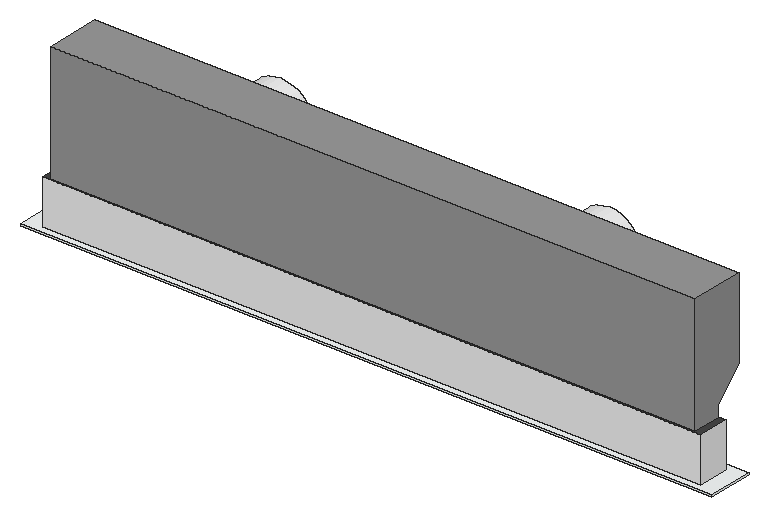
Revit family "HVAC_Ductwork_Airzone_Return-Linear-Diffuser_DFLI-PX_1000mm1", category Air Terminals, Revit 2016
Family settings
  Part Type = Normal
  Round Connector Dimension = Use Diameter
  OmniClass Number = 23.75.70.21
  OmniClass Title = Terminals for Air
  Work Plane-Based = No
  Always vertical = Yes
  Cut with Voids When Loaded = No
  Shared = No
  Room Calculation Point = Yes
Parameters (values of type "INVALID TYPE - Use Load Family and Type Catalog instead")
  c8 = -0.6279  # constant formula
  c7 = 0.02769  # constant formula
  c6 = -5.505  # constant formula
  c5 = 53.51  # constant formula
  c4 = -37.4  # constant formula
  c3 = -87.76  # constant formula
  c2 = -2.073  # constant formula
  c1 = 0.000712  # constant formula
  Velocity [instance] = (Q / (36 * Ak)) * 1.0 m/s  # 1.98413 m/s
  URL = "www.airzone.es"
  Type Image Comments = "Image available in product documentation download"  # constant formula
  Type Comments = ""
  Throw Distance [instance] = round((c7 * (Ak ^ c8) * Q) * 1000) * 1 mm  # 2901 mm
  Sound Level in dBA [instance] = round((c3 + (c4 * log(Ak))) + ((c5 + (c6 * log(Ak))) * log(Q)))  # 13
  Right Cap [instance] = yes
  Revit Model Version = "1.0"  # constant formula
  Q [instance] = (1000 mm / Duct Width) * Flow / 1 m³/h  # 200
  Product Documentation Download URL = "http://doc.airzone.es/BIM/AirQ/Airzone_DFLI.zip"
  Product Comments = "Refer to technical documentation for further details"  # constant formula
  Product Code = "INVALID – Type not loaded via type catalog"
  Pressure Drop [instance] = ((c1 * (Ak ^ c2)) * (Q ^ 2)) * 1.0 Pa  # 3.36962 Pa
  Plenum Width = 82.7 mm
  Plenum Material = Metal - AIRZONE - Galvanized Sheet - Semi-polished
  Plenum Length = 979.6 mm
  Plenum Height = 180 mm
  Plenum Center Offset = if(Duct Height > 75 mm, 0 mm, 20 mm)  # 20 mm
  Outlet Flow [instance] = Flow / 2  # 100 m³/h
  Model = Product Code  # "INVALID – Type not loaded via type catalog"
  Min Flow = 75 m³/h
  Max Flow = 600 m³/h
  Manufacturer = "AIRZONE"  # constant formula
  Main Material = Metal - AIRZONE - Extruded Aluminium - White (RAL 9010)
  Long Description = "Long-range linear diffuser to enable the air supply. 1-4 air outlets. Provided with moving slats, it is designed to be installed in HVAC duct networks. Available in four different models"  # constant formula
  Left Cap [instance] = yes
  Flow [instance] = 200 m³/h
  Fixing = "Fixing bracket. Plenum"  # constant formula
  Finish = "White ( RAL 9010)"
  Effective Area = (Ak / (1000 mm / Duct Width)) * 100.00 cm²  # 280.00 cm²
  Duct Width = 1000 mm
  Duct Height = 75 mm
  Duct Diameter = 100 mm
  Duct Connection Top Offset = 19 mm
  Duct Connection Diameter = 97.6 mm
  Disclaimer = "All information provided in this model is reviewed before being published. However, Airzone cannot guarantee this model is error-free, therefore users are strongly encouraged to check for technical documentation and updates"  # constant formula
  Description = "Linear diffuser"  # constant formula
  Compatible Accesories = "Plenum for lineal diffuser (PLEN). Linear diffuser corner (DFLIxSQ)"  # constant formula
  Ak = 2.8
  Accessories Material = Metal - AIRZONE - Aluminium - Satin
Reference planes
  plane 1 "Center (Front/Back)": y = 0
  plane 2: z = 0
  plane 3 "Center (Left/Right)": x = 0
  plane 4 "Plenum Bottom": z = 68.7
  plane 5 "Plenum Center (Front/Back)": y = 20
Dimensions and locks
  locked: plane 4 "Plenum Bottom" to level at 68.7
  "Plenum Center Offset": plane 1 "Center (Front/Back)" to plane 5 "Plenum Center (Front/Back)"
  aligned and locked: level to plane 2
  aligned and locked: plane 3 "Center (Left/Right)" to nested 1
  aligned and locked: plane 1 "Center (Front/Back)" to nested 1
  aligned and locked: plane 3 "Center (Left/Right)" to nested 2
  aligned and locked: nested 2 to plane 5 "Plenum Center (Front/Back)"
Nested families
  nested 1: "DFLI_Diffuser" at (0, 0, 0), Main Material <- "Main Material", Accessories Material <- "Accessories Material", Duct Height <- "Duct Height", Duct Width <- "Duct Width", Left Cap <- "Left Cap", Right Cap <- "Right Cap", type "Standard"
    with Slats Width 47 mm, Slats Length 1000 mm, Slats Height 68.7 mm, Right Cap Length 26 mm, Right Cap yes, Outlet Single Visibility yes, Outlet Group Visibility no, Main Material Metal - AIRZONE - Extruded Aluminium - White (RAL 9010), Left Cap Length 26 mm, Left Cap yes, Duct Width 1000 mm, Duct Height 75 mm, Actual Number of Outlets 2, Accessories Material Metal - AIRZONE - Aluminium - Satin
  nested 2: "DFLI_Plenum_1000mm" at (0, 20, 68.7), Main Material <- "Plenum Material", Accessories Material <- "Accessories Material", Duct Connection Top Offset <- "Duct Connection Top Offset", Duct Diameter <- "Duct Diameter", Height <- "Plenum Height", Duct Connection Diameter <- "Duct Connection Diameter", Length <- "Plenum Length", Width <- "Plenum Width", type "Standard"
    with Width 82.7 mm, Void.Extrusion 984.6 mm, Main Material Metal - AIRZONE - Galvanized Sheet - Semi-polished, Length 979.6 mm, Height 180 mm, Duct Diameter 100 mm, Duct Connection Top Offset 19 mm, Duct Connection Diameter 97.6 mm, Accessories Material Metal - AIRZONE - Aluminium - Satin
Connectors
  hvac at (-250, 115.55, 180.9), driven by "Pressure Drop", driven by "Duct Diameter", driven by "Outlet Flow"
    settings: on nested 2, index 1, duct flow 100 m³/h, flow factor 0, pres drop 3.36962 Pa, loss coef 0, conn angle 0.00°, conn width 304.8 mm, conn height 304.8 mm, conn diameter 100 mm, duct sys type 2, conn prof type 0, flow config 1, flow direction 2, loss method 4, conn ref index -1, conn util no, is conn primary yes, conn desc "Return Air 1"
  hvac at (250, 115.55, 180.9), driven by "Pressure Drop", driven by "Duct Diameter", driven by "Outlet Flow"
    settings: on nested 2, index 2, duct flow 100 m³/h, flow factor 0, pres drop 3.36962 Pa, loss coef 0, conn angle 0.00°, conn width 304.8 mm, conn height 304.8 mm, conn diameter 100 mm, duct sys type 2, conn prof type 0, flow config 1, flow direction 2, loss method 4, conn ref index -1, conn util no, is conn primary no, conn desc "Return Air 2"
Definition of nested family "DFLI_Diffuser"
  Parameters (values of type "Standard")
    URL = "www.airzone.es"
    Type Comments = ""
    Slats Width [instance] = if(Duct Height < 110 mm, 47 mm, if(Duct Height < 150 mm, 85.3 mm, if(Duct Height < 200 mm, 123.3 mm, 161.9 mm)))  # 161.9 mm
    Slats Length [instance] = Duct Width  # 1000 mm
    Slats Height [instance] = 68.7 mm  # constant formula
    Right Cap Length [instance] = if(Right Cap, 26 mm, 0 mm)  # 26 mm
    Right Cap [instance] = yes
    Revit Model Version = "1.0"  # constant formula
    Revit Model Author URL = "www.a3d.es"
    Revit Model Author = "A3D Consulting"  # constant formula
    Outlet Single Visibility [instance] = not(Slats Width > 47 mm)  # no
    Outlet Group Visibility [instance] = Slats Width > 47 mm  # yes
    Min Flow = 150 m³/h
    Max Flow = 300 m³/h
    Manufacturer = "AIRZONE"  # constant formula
    Main Material [instance] = none
    Left Cap Length [instance] = if(Left Cap, 26 mm, 0 mm)  # 26 mm
    Left Cap [instance] = yes
    Duct Width [instance] = 1000 mm
    Duct Height [instance] = 200 mm
    Disclaimer = "All information provided in this model is reviewed before being published. However, Airzone cannot guarantee this model is error-free, therefore users are strongly encouraged to check for technical documentation and updates"  # constant formula
    Actual Number of Outlets [instance] = if(not(Slats Width > 85.3 mm), 2, if(not(Slats Width > 123.6 mm), 3, 4))  # 4
    Accessories Material [instance] = none
  Reference planes
    plane 1 "Center (Front/Back)": y = 0
    plane 2: z = 0
    plane 3 "Center (Left/Right)": x = 0
    plane 4 "Left": x = -526
    plane 5 "Right": x = 526
    plane 6 "Front": y = -91.95
    plane 7 "Back": y = 91.95
    plane 8 "Inner Left": x = -500
    plane 9 "Inner Right": x = 500
    plane 10 "Inner Back": y = 80.95
    plane 11 "Inner Front": y = -80.95
    plane 12 "First Outlet": y = -56.95
    plane 13 "Last Outlet": y = 56.95
  Forms (mm)
    Extrusion 1, solid, material <- "Main Material"
      sketch origin (0, 0, 0) x (1, 0, 0) y (0, 1, 0)
        loop
          line (-526, 91.95) -> (-526, -91.95) -> (526, -91.95) -> (526, 91.95) -> (-526, 91.95)
      from -2 to 0
    Extrusion 2, solid, material <- "Accessories Material"
      sketch origin (0, 0, 0) x (1, 0, 0) y (0, 1, 0)
        loop
          line (-500, 80.95) -> (-500, -80.95) -> (500, -80.95) -> (500, 80.95) -> (-500, 80.95)
      from 0 to 68.7 <- "Slats Height"
    Extrusion 3, void
      sketch origin (0, 0, 0) x (1, 0, 0) y (0, 1, 0)
        loop
          line (526, 96.95) -> (526, -96.95) -> (550, -96.95) -> (550, 96.95) -> (526, 96.95)
      from -3 to 1
    Extrusion 4, void
      sketch origin (0, 0, 0) x (1, 0, 0) y (0, 1, 0)
        loop
          line (-550, 96.95) -> (-550, -96.95) -> (-526, -96.95) -> (-526, 96.95) -> (-550, 96.95)
      from -3 to 1
  Cuts and joins
    Extrusion 3, Extrusion 4 cuts Extrusion 1
  Dimensions and locks
    equal spacing: plane 10 "Inner Back", plane 1 "Center (Front/Back)", plane 11 "Inner Front"
    "Slats Width": plane 10 "Inner Back" to plane 11 "Inner Front"
    equal spacing: plane 8 "Inner Left", plane 3 "Center (Left/Right)", plane 9 "Inner Right"
    "Slats Length": plane 8 "Inner Left" to plane 9 "Inner Right"
    locked: plane 4 "Left" to plane 8 "Inner Left" at 26
    locked: plane 9 "Inner Right" to plane 5 "Right" at 26
    locked: plane 7 "Back" to plane 10 "Inner Back" at 11
    locked: plane 11 "Inner Front" to plane 6 "Front" at 11
    equal spacing: group 1, group 3, group 4, group 2  (x3)
    locked: plane 7 "Back" to plane 13 "Last Outlet" at 35
    locked: plane 12 "First Outlet" to plane 6 "Front" at 35
    locked: plane 6 "Front" to Extrusion 3 sketch curve at 5
    locked: Extrusion 3 sketch curve to plane 7 "Back" at 5
    locked: plane 9 "Inner Right" to Extrusion 3 sketch curve at 50
    "Right Cap Length": plane 9 "Inner Right" to Extrusion 3 sketch curve
    locked: plane 6 "Front" to Extrusion 4 sketch curve at 5
    locked: Extrusion 4 sketch curve to plane 7 "Back" at 5
    locked: Extrusion 4 sketch curve to plane 8 "Inner Left" at 50
    "Left Cap Length": Extrusion 4 sketch curve to plane 8 "Inner Left"
    aligned and locked: level to plane 2
    aligned and locked: plane 4 "Left" to Extrusion 1 sketch curve
    aligned and locked: Extrusion 1 sketch curve to plane 7 "Back"
    aligned and locked: Extrusion 1 sketch curve to plane 5 "Right"
    aligned and locked: plane 6 "Front" to Extrusion 1 sketch curve
    aligned and locked: Extrusion 2 sketch curve to plane 8 "Inner Left"
    aligned and locked: Extrusion 2 sketch curve to plane 10 "Inner Back"
    aligned and locked: plane 9 "Inner Right" to Extrusion 2 sketch curve
    aligned and locked: plane 11 "Inner Front" to Extrusion 2 sketch curve
    aligned and locked: plane 3 "Center (Left/Right)" to nested 1
    aligned and locked: nested 1 to plane 12 "First Outlet"
    aligned and locked: plane 13 "Last Outlet" to nested 2
    aligned and locked: plane 3 "Center (Left/Right)" to nested 5
    aligned and locked: nested 5 to plane 12 "First Outlet"
  Nested families
    nested 1: "DFLI_Outlet" at (0, -56.95, -2), Length <- "Slats Length", visible <- "Outlet Group Visibility", type "Standard"
      with Length 1000 mm
    nested 2: "DFLI_Outlet" at (0, 56.95, -2), Length <- "Slats Length", visible <- "Outlet Group Visibility", type "Standard"
      with Length 1000 mm
    nested 3: "DFLI_Outlet" at (0, -18.983, -2), Length <- "Slats Length", visible <- "Outlet Group Visibility", type "Standard"
      with Length 1000 mm
    nested 4: "DFLI_Outlet" at (0, 18.983, -2), Length <- "Slats Length", visible <- "Outlet Group Visibility", type "Standard"
      with Length 1000 mm
    nested 5: "DFLI_Outlet" at (0, -56.95, -2), visible <- "Outlet Single Visibility", Length <- "Slats Length", type "Standard"
      with Length 1000 mm
  Definition of nested family "DFLI_Outlet"
    Parameters (values of type "Standard")
      URL = "www.airzone.es"
      Type Comments = ""
      Revit Model Version = "1.0"  # constant formula
      Revit Model Author URL = "www.a3d.es"
      Revit Model Author = "A3D Consulting"  # constant formula
      Min Flow = 0 m³/h
      Max Flow = 0 m³/h
      Manufacturer = "AIRZONE"  # constant formula
      Length [instance] = 179 mm
      Default Elevation = 0 mm
    Reference planes
      plane 1 "Center (Front/Back)": y = 0
      plane 2: z = 0
      plane 3 "Center (Left/Right)": x = 0
      plane 4 "Left": x = -89.5
      plane 5 "Right": x = 89.5
    Forms (mm)
      Extrusion 1, solid, detail levels fine
        sketch origin (0, 0, 0) x (1, 0, 0) y (0, 1, 0)
          loop
            line (-89.5, -8.5) -> (89.5, -8.5) -> (89.5, 8.5) -> (-89.5, 8.5) -> (-89.5, -8.5)
        from -1 to 0
    Lines and regions (mm)
      model lines, detail levels medium
        curve 1: line (89.5, 0, 0) -> (-89.5, 0, 0)
      symbolic lines, detail levels medium
        curve 2: line (-89.5, 0, 0) -> (89.5, 0, 0)
      symbolic lines, detail levels fine
        curve 3: line (-89.5, 8.5, 0) -> (89.5, 8.5, 0)
        curve 4: line (89.5, 8.5, 0) -> (89.5, -8.5, 0)
        curve 5: line (89.5, -8.5, 0) -> (-89.5, -8.5, 0)
        curve 6: line (-89.5, -8.5, 0) -> (-89.5, 8.5, 0)
    Dimensions and locks
      equal spacing: plane 4 "Left", plane 3 "Center (Left/Right)", plane 5 "Right"
      "Length": plane 4 "Left" to plane 5 "Right"
      equal spacing: curve 5, plane 1 "Center (Front/Back)", curve 3
      locked: curve 5 to curve 3 at 17
      equal spacing: Extrusion 1 sketch curve, plane 1 "Center (Front/Back)", Extrusion 1 sketch curve
      locked: Extrusion 1 sketch curve to Extrusion 1 sketch curve at 17
      aligned and locked: level to plane 2
      aligned and locked: plane 1 "Center (Front/Back)" to curve 2
      aligned and locked: curve 1 to plane 1 "Center (Front/Back)"
      aligned and locked: plane 4 "Left" to curve 6
      aligned and locked: plane 5 "Right" to curve 4
      aligned and locked: Extrusion 1 sketch curve to plane 4 "Left"
      aligned and locked: Extrusion 1 sketch curve to plane 5 "Right"
Definition of nested family "DFLI_Plenum_1000mm"
  Parameters (values of type "Standard")
    Width [instance] = 82.7 mm
    Void.Extrusion [instance] = if(Duct Diameter = 100 mm, Length + 5 mm, 2 mm)  # 984.6 mm
    URL = "www.airzone.es"
    Type Comments = ""
    Revit Model Version = "1.0"  # constant formula
    Revit Model Author URL = "www.a3d.es"
    Revit Model Author = "A3D Consulting"  # constant formula
    Manufacturer = "AIRZONE"  # constant formula
    Main Material [instance] = none
    Length [instance] = 979.6 mm
    Duct Diameter [instance] = 100 mm
    Duct Connection Top Offset [instance] = 19 mm
    Duct Connection Diameter [instance] = 97.6 mm
    Height [instance] = 180 mm
    Disclaimer = "All information provided in this model is reviewed before being published. However, Airzone cannot guarantee this model is error-free, therefore users are strongly encouraged to check for technical documentation and updates"  # constant formula
    Default Elevation = 0 mm
    Accessories Material [instance] = none
  Reference planes
    plane 1 "Center (Front/Back)": y = 0
    plane 2 "Bottom": z = 0
    plane 3 "Center (Left/Right)": x = 0
    plane 4 "Left": x = -489.8
    plane 5 "Right": x = 489.8
    plane 6 "Front": y = -41.35
    plane 7 "Back": y = 41.35
    plane 8 "Top": z = 180
    plane 9: y = 1.45
    plane 10: z = 16.29
    plane 11: z = 55.75
    plane 12 "Void.Aux": x = -494.8
    plane 13 "Left Inlet-Outlet": x = -250
    plane 14 "Right Inlet-Outlet": x = 250
    plane 15 "Inlet-Outlet Top": z = 161
    plane 16 "Inlet-Outlet Center (Top/Bootom)": z = 112.2
    plane 17 "Inlet-Outlet Bottom": z = 63.4
  Forms (mm)
    Extrusion 1, solid, material <- "Main Material"
      sketch origin (0, 0, 0) x (1, 0, 0) y (0, 1, 0)
        loop
          line (-489.8, 41.35) -> (-489.8, -41.35) -> (489.8, -41.35) -> (489.8, 41.35) -> (-489.8, 41.35)
      from 0 to 180 <- "Height"
    Extrusion 2, solid, material <- "Accessories Material"
      sketch origin (0, 41.35, 0) x (-1, 0, 0) y (0, 0, 1)
        loop
          circle (250, 112.2) r 48.8
      from 0 to 54.2
    Extrusion 3, void
      sketch origin (-494.8, 0, 0) x (0, 1, 0) y (0, 0, 1)
        loop
          line (41.35, 0) -> (41.35, 55.75) -> (1.45, 16.29) -> (1.45, 0) -> (41.35, 0)
      from 0 to 984.6 <- "Void.Extrusion"
    Extrusion 4, solid, material <- "Accessories Material"
      sketch origin (0, 41.35, 0) x (-1, 0, 0) y (0, 0, 1)
        loop
          circle (-250, 112.2) r 48.8
      from 0 to 54.2
  Cuts and joins
    Extrusion 3 cuts Extrusion 1
  Dimensions and locks
    equal spacing: plane 4 "Left", plane 3 "Center (Left/Right)", plane 5 "Right"
    "Length": plane 4 "Left" to plane 5 "Right"
    equal spacing: plane 6 "Front", plane 1 "Center (Front/Back)", plane 7 "Back"
    "Width": plane 6 "Front" to plane 7 "Back"
    "Height": plane 8 "Top" to level
    locked: plane 9 to plane 6 "Front" at 42.8
    locked: plane 10 to level at 16.29
    locked: plane 11 to level at 55.75
    locked: plane 12 "Void.Aux" to plane 4 "Left" at 5
    plane 13 "Left Inlet-Outlet" to plane 3 "Center (Left/Right)" to plane 14 "Right Inlet-Outlet" = 250 mm locked, 250 mm locked
    "Duct Connection Top Offset": plane 8 "Top" to plane 15 "Inlet-Outlet Top"
    "Duct Connection Diameter": plane 15 "Inlet-Outlet Top" to plane 17 "Inlet-Outlet Bottom"
    equal spacing: plane 15 "Inlet-Outlet Top", plane 16 "Inlet-Outlet Center (Top/Bootom)", plane 17 "Inlet-Outlet Bottom"
    "Duct Connection Diameter": diameter of Extrusion 2 sketch curve
    "Duct Connection Diameter": diameter of Extrusion 4 sketch curve
    aligned and locked: level to plane 2 "Bottom"
    aligned and locked: Extrusion 1 sketch curve to plane 7 "Back"
    aligned and locked: Extrusion 1 sketch curve to plane 5 "Right"
    aligned and locked: plane 6 "Front" to Extrusion 1 sketch curve
    aligned and locked: Extrusion 1 sketch curve to plane 4 "Left"
    aligned and locked: level to Extrusion 3 sketch curve
    aligned and locked: Extrusion 3 sketch curve to plane 9
    aligned and locked: plane 7 "Back" to Extrusion 3 sketch curve
    aligned and locked: plane 11 to Extrusion 3 sketch curve
    aligned and locked: plane 10 to Extrusion 3 sketch curve
    aligned and locked: plane 13 "Left Inlet-Outlet" to Extrusion 2 sketch curve
    aligned and locked: plane 16 "Inlet-Outlet Center (Top/Bootom)" to Extrusion 2 sketch curve
    aligned and locked: plane 14 "Right Inlet-Outlet" to Extrusion 4 sketch curve
    aligned and locked: plane 16 "Inlet-Outlet Center (Top/Bootom)" to Extrusion 4 sketch curve
